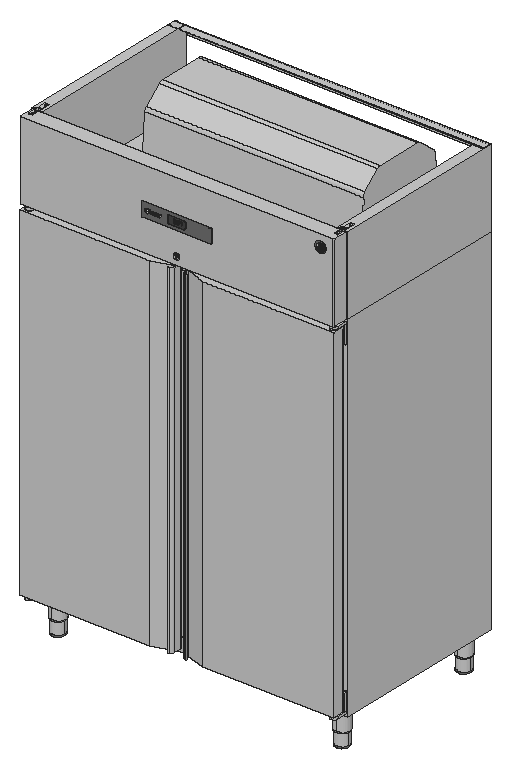
Revit family "QF_HOSHIZAKI_131141070", category Specialty Equipment, Revit 2016
Family settings
  Part Type = Normal
  Round Connector Dimension = Use Diameter
  OmniClass Number = 23.40.40.14
  OmniClass Title = Food Service Equipment
  Work Plane-Based = No
  Always vertical = Yes
  Cut with Voids When Loaded = No
  Shared = No
  Room Calculation Point = No
Parameters (values of type "131141070_230V/1Ph/50Hz")
  Weight = 183.00 kg
  Volts = 230 V
  URL Cutsheet = ""
  URL = "www.hoshizaki-europe.com"
  Status [instance] = ""
  Specification by User [instance] = ""
  Specification by Manufacturer [instance] = ""
  Serial Number = ""
  Seismic Rating = ""
  SMACNA No = ""
  Revision Code [instance] = ""
  Phase = 1
  Number of Poles = 2
  NAFEM Spec ID Number = ""
  Model = "ADVANCE K 140-4 L"
  Min Ckt Ampacity = 0 A
  Max Overcurrent Protection = 0 A
  Masterspec = ""
  Manufacturer = "HOSHIZAKI"
  Length Actual = 1344 mm
  Item Number [instance] = ""
  Installed By [instance] = ""
  Identify Quantity as Lot [instance] = no
  Height Actual = 2000 mm
  HP power = ""
  Furnished By [instance] = ""
  Foodservice Equipment Identifier [instance] = yes
  FL Amps = 11.04 A
  Electric power = 2540 W
  Electric Connection Type [instance] = ""
  Elec Conn RI Height [instance] = 0 mm
  Elec Conn Connection Height [instance] = 1550 mm
  Description = "ADVANCE DOUBLE DOOR REFRIGERATOR, 2/1 GN DEEP, AISI430 STAINLESS STEEL EXTERIOR AND INTERIOR, HC NATURAL REFRIGERANT, LEGS"
  Depth Actual = 830 mm
  Cycle = 50 Hz
  Cost = 0
  Conn Plug = ""
  Conn Conduit = no
  CSI MasterFormat = ""
  Assembly Code = "E1090320"
  Apparent Power = 2540 VA
  Accessory = no
Reference planes
  plane 1 "Center (Front/Back)": y = 0
  plane 2: z = 0
  plane 3 "Center (Left/Right)": x = 0
Forms (mm)
  Extrusion 1, solid, not visible
    sketch origin (1314, -2, 1699) x (1, 0, 0) y (0, 1, 0)
      loop
        line (0, 0) -> (2, 0) -> (2, 2) -> (0, 2) -> (0, 0)
    from 0 to 2
Dimensions and locks
  aligned and locked: level to plane 2
Nested families
  nested 1: "QF_HOSHIZAKI_131141070_230V_1Ph_50Hz" at (0, 0, 150), type "131141070_230V/1Ph/50Hz"
    with Show Logo yes, Show Clearance yes
  nested 2: "QF_HOSHIZAKI_PRE_ADV_LEGS" at (0, 0, 0), type "760660118-1344X830"
    with Length Actual 1344 mm, Height Actual 150 mm, Depth Actual 830 mm
Connectors
  electrical at (1315, 0, 1700), driven by "Apparent Power", driven by "Number of Poles", driven by "Volts"
    settings: on Extrusion 1, index 1, voltage 230 V, apparent load 0 VA, apparent load phase1 2540 VA, apparent load phase2 0 VA, apparent load phase3 0 VA, power factor 1, load classification "Other", number of poles 2, system type 31, power factor state 1, is connector primary yes, connector utility no, sub classification motor no, connector description "Electric connection for '131141070'"
Definition of nested family "QF_HOSHIZAKI_131141070_230V_1Ph_50Hz"
  Parameters (values of type "131141070_230V/1Ph/50Hz")
    URL = "www.hoshizaki-europe.com"
    Show Logo [instance] = yes
    Show Clearance [instance] = yes
    Model = "ADVANCE K 140-4 L"
    Manufacturer = "HOSHIZAKI"
    Description = "ADVANCE DOUBLE DOOR REFRIGERATOR, 2/1 GN DEEP, AISI 304 STAINLESS STEEL EXTERIOR AND INTERIOR, HC NATURAL REFRIGERANT, LEGS"
    Assembly Code = "E1090320"
  Types (6, lengths in mm): name | Model | Description
    131141070_230V/1Ph/50Hz | "ADVANCE K 140-4 L" | "ADVANCE DOUBLE DOOR REFRIGERATOR, 2/1 GN DEEP, AISI 304 STAINLESS STEEL EXTERIOR AND INTERIOR, HC NATURAL REFRIGERANT, LEGS"
    133141070 | "ADVANCE F 140-4 L" | "ADVANCE DOUBLE DOOR FREEZER, 2/1 DEEP, AISI 304 STAINLESS STEEL EXTERIOR AND INTERIOR, HC NATURAL REFRIGERANT, LEGS"
    123142070 | "ADVANCE F 140-3 C" | "ADVANCE DOUBLE DOOR FREEZER, 2/1 DEEP, AISI 403 STAINLESS STEEL EXTERIOR AND INTERIOR, HC NATURAL REFRIGERANT, CASTORS"
    131142090 | "ADVANCE K 140-4 C U" | "ADVANCE DOUBLE DOOR REFRIGERATOR, 2/1 GN DEEP, AISI 304 STAINLESS STEEL EXTERIOR AND INTERIOR, HC NATURAL REFRIGERANT, CASTORS"
    133142090 | "ADVANCE F 140-4 C U" | "ADVANCE DOUBLE DOOR FREEZER, 2/1 DEEP, AISI 304 STAINLESS STEEL EXTERIOR AND INTERIOR, HC NATURAL REFRIGERANT, CASTORS"
    12142070 | "ADVANCE K 140-3 C" | "ADVANCE DOUBLE DOOR REFRIGERATOR, 2/1 GN DEEP, AISI 403 STAINLESS STEEL EXTERIOR AND INTERIOR, HC NATURAL REFRIGERANT, CASTORS"
  Reference planes
    plane 1 "Back": y = 0
    plane 2: z = 0
    plane 3 "Left": x = 0
    plane 4 "Right": x = 1344
    plane 5 "Front": y = -830.03
    plane 6 "Top": z = 1850
  Forms (mm)
    Extrusion 1, solid
      sketch origin (653.43, 17.68, 1850) x (1, 0, 0) y (0, 1, 0)
        loop
          line (675.57, -773.038) -> (675.57, -726.21) -> (660.57, -726.21) -> (660.57, -773.038) -> (675.57, -773.038)
        loop
          circle (668.07, -734.247) r 1.711
        loop
          circle (668.07, -765.001) r 1.711
      from 0 to 2
    Extrusion 2, solid
      sketch origin (653.43, -41.179, 1850) x (1, 0, 0) y (0, 1, 0)
        loop
          line (675.57, -752.351) -> (675.57, -720.851) -> (660.57, -720.851) -> (660.57, -752.351) -> (675.57, -752.351)
        loop
          circle (668.07, -727.851) r 1.711
        loop
          circle (668.07, -745.351) r 1.711
      from 0 to 2
    Extrusion 3, solid
      sketch origin (1314, 17.68, -100.1) x (0, 1, 0) y (0, 0, 1)
        loop
          arc (-776.21, 1952.1) -> (-777.016, 1954.865) -> (-774.851, 1952.966) r 1.5
          line (-774.851, 1952.966) -> (-772.968, 1952.281)
          arc (-772.968, 1952.281) -> (-778.164, 1956.504) -> (-776.21, 1950.1) r 3.5
          line (-776.21, 1950.1) -> (-773.038, 1950.1) -> (-773.038, 1952.1) -> (-776.21, 1952.1)
      from 0 to 15
    Extrusion 4, solid
      sketch origin (-645.57, 17.68, 1850) x (1, 0, 0) y (0, 1, 0)
        loop
          line (675.57, -773.038) -> (675.57, -726.21) -> (660.57, -726.21) -> (660.57, -773.038) -> (675.57, -773.038)
        loop
          circle (668.07, -734.247) r 1.711
        loop
          circle (668.07, -765.001) r 1.711
      from 0 to 2
    Extrusion 5, solid
      sketch origin (-645.57, -41.179, 1850) x (1, 0, 0) y (0, 1, 0)
        loop
          line (675.57, -752.351) -> (675.57, -720.851) -> (660.57, -720.851) -> (660.57, -752.351) -> (675.57, -752.351)
        loop
          circle (668.07, -727.851) r 1.711
        loop
          circle (668.07, -745.351) r 1.711
      from 0 to 2
    Extrusion 6, solid
      sketch origin (15, 17.68, -100.1) x (0, 1, 0) y (0, 0, 1)
        loop
          arc (-776.21, 1952.1) -> (-777.016, 1954.865) -> (-774.851, 1952.966) r 1.5
          line (-774.851, 1952.966) -> (-772.968, 1952.281)
          arc (-772.968, 1952.281) -> (-778.164, 1956.504) -> (-776.21, 1950.1) r 3.5
          line (-776.21, 1950.1) -> (-773.038, 1950.1) -> (-773.038, 1952.1) -> (-776.21, 1952.1)
      from 0 to 15
    Extrusion 7, solid
      sketch origin (0, 0, -100) x (0, 1, 0) y (0, 0, 1)
        loop
          line (-760.03, 1617.5) -> (0, 1617.5) -> (0, 1948.5)
          arc (0, 1948.5) -> (-0.439, 1949.561) -> (-1.5, 1950) r 1.5
          line (-1.5, 1950) -> (-759.38, 1950)
          arc (-759.38, 1950) -> (-759.84, 1949.81) -> (-760.03, 1949.35) r 0.65
          line (-760.03, 1949.35) -> (-760.03, 1617.5)
      from 0 to 45
    Extrusion 8, solid
      sketch origin (1299, 0, -100) x (0, 1, 0) y (0, 0, 1)
        loop
          line (-760.03, 1617.5) -> (0, 1617.5) -> (0, 1948.5)
          arc (0, 1948.5) -> (-0.439, 1949.561) -> (-1.5, 1950) r 1.5
          line (-1.5, 1950) -> (-759.38, 1950)
          arc (-759.38, 1950) -> (-759.84, 1949.81) -> (-760.03, 1949.35) r 0.65
          line (-760.03, 1949.35) -> (-760.03, 1617.5)
      from 0 to 45
    Extrusion 9, solid
      sketch origin (0, 1.5, -100.1) x (0, 1, 0) y (0, 0, 1)
        loop
          line (-1.51, 1951.6) -> (-38.51, 1951.6) -> (-38.51, 1950.1) -> (-3, 1950.1)
          arc (-3, 1950.1) -> (-1.939, 1949.661) -> (-1.5, 1948.6) r 1.5
          line (-1.5, 1948.6) -> (-1.5, 1914.7) -> (0, 1914.7) -> (0, 1950.09)
          arc (0, 1950.09) -> (-0.442, 1951.158) -> (-1.51, 1951.6) r 1.51
      from 1.06 to 1343.06
    Extrusion 10, solid
      sketch origin (0, 17.57, 1849.9) x (1, 0, 0) y (0, 1, 0)
        loop
          line (4.5, -778.8) -> (4.5, -842.7)
          arc (4.5, -842.7) -> (5.935, -846.165) -> (9.4, -847.6) r 4.9
          line (9.4, -847.6) -> (1334.6, -847.6)
          arc (1334.6, -847.6) -> (1338.065, -846.165) -> (1339.5, -842.7) r 4.9
          line (1339.5, -842.7) -> (1339.5, -778.8)
          arc (1339.5, -778.8) -> (1339.149, -777.951) -> (1338.3, -777.6) r 1.2
          line (1338.3, -777.6) -> (5.7, -777.6)
          arc (5.7, -777.6) -> (4.851, -777.951) -> (4.5, -778.8) r 1.2
      from -332.4 to 0.1
    Extrusion 11, solid
      sketch origin (0, 0, -100) x (1, 0, 0) y (0, 0, 1)
        loop
          line (45, 1638.52) -> (45, 1617.5) -> (1299, 1617.5) -> (1299, 1638.52) -> (45, 1638.52)
      from 0 to 760.03
    Extrusion 12, solid
      sketch origin (0, 0, 0) x (1, 0, 0) y (0, 0, 1)
        loop
          line (0, 1517.5) -> (0, 0) -> (1344, 0) -> (1344, 1517.5) -> (0, 1517.5)
        loop
          line (60, 1457.5) -> (60, 60) -> (1284, 60) -> (1284, 1457.5) -> (60, 1457.5)
      from 0 to 760.03
    Extrusion 13, solid
      sketch origin (0, 0, 0) x (1, 0, 0) y (0, 0, 1)
        loop
          line (60, 60) -> (1284, 60) -> (1284, 1457.5) -> (60, 1457.5) -> (60, 60)
      from 0 to 45
    Extrusion 14, solid
      sketch origin (0, -660.03, 0) x (1, 0, 0) y (0, 0, 1)
        loop
          line (630, 1457.5) -> (630, 60) -> (714, 60) -> (714, 1457.5) -> (630, 1457.5)
      from 0 to 100
    Extrusion 15, solid
      sketch origin (672, -795.027, 27.1) x (-1, 0, 0) y (0, 0, -1)
        loop
          line (637.933, -1453.343) -> (637.933, -14.657) -> (53.047, -14.657) -> (53.047, -1453.343) -> (637.933, -1453.343)
        loop
          line (73.047, -1433.343) -> (617.933, -1433.343) -> (617.933, -34.657) -> (73.047, -34.657) -> (73.047, -1433.343)
      from -34.997 to -15.007
    Extrusion 16, solid
      sketch origin (686.75, -756.398, 1495.1) x (-1, 0, 0) y (0, -1, 0)
        loop
          line (646.35, 3.632) -> (678.35, 3.632) -> (678.35, 45.629)
          arc (678.35, 45.629) -> (662.35, 61.629) -> (646.35, 45.629) r 16
          line (646.35, 45.629) -> (646.35, 3.632)
        loop
          circle (662.35, 45.629) r 5
      from 2.9 to 9.9
    Extrusion 17, solid
      sketch origin (686.75, -757.401, -74.9) x (0, 1, 0) y (0, 0, -1)
        loop
          line (-9.129, -1500.199) -> (-9.129, -1572.9) -> (-2.629, -1572.9) -> (-2.629, -1493.9) -> (-4.629, -1493.9) -> (-9.129, -1500.199)
      from 646.35 to 678.35
    Extrusion 18, solid
      sketch origin (686.75, -756.398, 1495.1) x (-1, 0, 0) y (0, -1, 0)
        loop
          circle (662.35, 45.629) r 16
      from 0 to 2.9
    Extrusion 19, solid
      sketch origin (686.75, -756.398, 1495.1) x (-1, 0, 0) y (0, -1, 0)
        loop
          circle (662.35, 45.629) r 5
      from 0 to 9.9
    Extrusion 20, solid
      sketch origin (686.75, -756.398, 25.1) x (-1, 0, 0) y (0, -1, 0)
        loop
          line (602.25, 32.879) -> (677.25, 32.879) -> (677.25, 58.379) -> (602.25, 58.379) -> (602.25, 32.879)
        loop
          circle (636.875, 45.629) r 5
        loop
          circle (611.525, 45.629) r 5
      from 0 to 2
    Extrusion 21, solid
      sketch origin (686.75, -756.398, 7.1) x (0, 1, 0) y (-1, 0, 0)
        loop
          line (-3.632, 646.35) -> (-3.632, 678.35) -> (-45.629, 678.35)
          arc (-45.629, 678.35) -> (-61.629, 662.35) -> (-45.629, 646.35) r 16
          line (-45.629, 646.35) -> (-3.632, 646.35)
        loop
          circle (-45.629, 662.35) r 5
      from 2.9 to 9.9
    Extrusion 22, solid
      sketch origin (686.75, -757.401, 1589.9) x (0, 1, 0) y (0, 0, -1)
        loop
          line (-9.129, 1500.199) -> (-4.629, 1493.9) -> (-2.629, 1493.9) -> (-2.629, 1572.9) -> (-9.129, 1572.9) -> (-9.129, 1500.199)
      from 646.35 to 678.35
    Extrusion 23, solid
      sketch origin (686.75, -756.398, 9) x (0, 1, 0) y (-1, 0, 0)
        loop
          circle (-45.629, 662.35) r 5
      from 0 to 16.1
    Extrusion 24, solid
      sketch origin (774.882, -873.184, 27.1) x (-1, 0, 0) y (0, -1, 0)
        loop
          arc (769.772, -93.164) -> (770.203, -92.985) -> (770.382, -92.554) r 0.61
          line (770.382, -92.554) -> (770.382, -43.764)
          arc (770.382, -43.764) -> (770.203, -43.333) -> (769.772, -43.154) r 0.61
          line (769.772, -43.154) -> (216.079, -43.154) -> (127.057, -70.711) -> (127.057, -60.1)
          arc (127.057, -60.1) -> (129.536, -52.667) -> (135.929, -48.138) r 12.598
          line (135.929, -48.138) -> (143.363, -45.837)
          arc (143.363, -45.837) -> (143.923, -44.774) -> (142.86, -44.213) r 0.85
          line (142.86, -44.213) -> (135.209, -46.581)
          arc (135.209, -46.581) -> (128.081, -51.647) -> (125.349, -59.955) r 14
          line (125.349, -59.955) -> (125.349, -92.354)
          arc (125.349, -92.354) -> (125.586, -92.927) -> (126.159, -93.164) r 0.81
          line (126.159, -93.164) -> (769.772, -93.164)
      from 0 to 1468
    Extrusion 25, solid
      sketch origin (672, -795.027, 27.1) x (1, 0, 0) y (0, 0, 1)
        loop
          line (637.933, 1453.343) -> (53.047, 1453.343) -> (53.047, 14.657) -> (637.933, 14.657) -> (637.933, 1453.343)
        loop
          line (73.047, 1433.343) -> (73.047, 34.657) -> (617.933, 34.657) -> (617.933, 1433.343) -> (73.047, 1433.343)
      from -34.997 to -15.007
    Extrusion 26, solid
      sketch origin (657.25, -756.398, 1495.1) x (1, 0, 0) y (0, 1, 0)
        loop
          line (646.35, -3.632) -> (646.35, -45.629)
          arc (646.35, -45.629) -> (662.35, -61.629) -> (678.35, -45.629) r 16
          line (678.35, -45.629) -> (678.35, -3.632) -> (646.35, -3.632)
        loop
          circle (662.35, -45.629) r 5
      from 2.9 to 9.9
    Extrusion 27, solid
      sketch origin (657.25, -757.401, -74.9) x (0, 1, 0) y (0, 0, 1)
        loop
          line (-9.129, 1500.199) -> (-4.629, 1493.9) -> (-2.629, 1493.9) -> (-2.629, 1572.9) -> (-9.129, 1572.9) -> (-9.129, 1500.199)
      from 646.35 to 678.35
    Extrusion 28, solid
      sketch origin (657.25, -756.398, 1495.1) x (1, 0, 0) y (0, 1, 0)
        loop
          circle (662.35, -45.629) r 16
      from 0 to 2.9
    Extrusion 29, solid
      sketch origin (657.25, -756.398, 1495.1) x (1, 0, 0) y (0, 1, 0)
        loop
          circle (662.35, -45.629) r 5
      from 0 to 9.9
    Extrusion 30, solid
      sketch origin (657.25, -756.398, 25.1) x (1, 0, 0) y (0, 1, 0)
        loop
          line (602.25, -32.879) -> (602.25, -58.379) -> (677.25, -58.379) -> (677.25, -32.879) -> (602.25, -32.879)
        loop
          circle (636.875, -45.629) r 5
        loop
          circle (611.525, -45.629) r 5
      from 0 to 2
    Extrusion 31, solid
      sketch origin (657.25, -756.398, 7.1) x (0, -1, 0) y (1, 0, 0)
        loop
          line (3.632, 646.35) -> (45.629, 646.35)
          arc (45.629, 646.35) -> (61.629, 662.35) -> (45.629, 678.35) r 16
          line (45.629, 678.35) -> (3.632, 678.35) -> (3.632, 646.35)
        loop
          circle (45.629, 662.35) r 5
      from 2.9 to 9.9
    Extrusion 32, solid
      sketch origin (657.25, -757.401, 1589.9) x (0, 1, 0) y (0, 0, 1)
        loop
          line (-9.129, -1500.199) -> (-9.129, -1572.9) -> (-2.629, -1572.9) -> (-2.629, -1493.9) -> (-4.629, -1493.9) -> (-9.129, -1500.199)
      from 646.35 to 678.35
    Extrusion 33, solid
      sketch origin (657.25, -756.398, 9) x (0, -1, 0) y (1, 0, 0)
        loop
          circle (45.629, 662.35) r 5
      from 0 to 16.1
    Extrusion 34, solid
      sketch origin (569.118, -873.184, 27.1) x (1, 0, 0) y (0, 1, 0)
        loop
          line (769.772, 93.164) -> (126.159, 93.164)
          arc (126.159, 93.164) -> (125.586, 92.927) -> (125.349, 92.354) r 0.81
          line (125.349, 92.354) -> (125.349, 59.955)
          arc (125.349, 59.955) -> (128.081, 51.647) -> (135.209, 46.581) r 14
          line (135.209, 46.581) -> (142.86, 44.213)
          arc (142.86, 44.213) -> (143.923, 44.774) -> (143.363, 45.837) r 0.85
          line (143.363, 45.837) -> (135.929, 48.138)
          arc (135.929, 48.138) -> (129.536, 52.667) -> (127.057, 60.1) r 12.598
          line (127.057, 60.1) -> (127.057, 70.711) -> (216.079, 43.154) -> (769.772, 43.154)
          arc (769.772, 43.154) -> (770.203, 43.333) -> (770.382, 43.764) r 0.61
          line (770.382, 43.764) -> (770.382, 92.554)
          arc (770.382, 92.554) -> (770.203, 92.985) -> (769.772, 93.164) r 0.61
      from 0 to 1468
    Extrusion 35, solid
      sketch origin (-12.78, 0, -100) x (0, 1, 0) y (0, 0, 1)
        loop
          arc (-113.281, 1932.651) -> (-120.8, 1936.992) -> (-129.35, 1938.5) r 25
          line (-129.35, 1938.5) -> (-324.65, 1938.5)
          arc (-324.65, 1938.5) -> (-333.2, 1936.992) -> (-340.719, 1932.651) r 25
          line (-340.719, 1932.651) -> (-408.922, 1875.423)
          arc (-408.922, 1875.423) -> (-415.027, 1867.815) -> (-417.757, 1858.45) r 25
          line (-417.757, 1858.45) -> (-436.998, 1638.52) -> (-17.002, 1638.52) -> (-36.243, 1858.45)
          arc (-36.243, 1858.45) -> (-38.973, 1867.815) -> (-45.078, 1875.423) r 25
          line (-45.078, 1875.423) -> (-113.281, 1932.651)
      from 219.97 to 1149.59
    Extrusion 36, solid, visible <- "Show Logo"
      sketch origin (1743.884, -828.53, -60.1) x (-1, 0, 0) y (0, 0, -1)
        loop
          circle (459.884, -1862.5) r 13.99
      from 0 to 2.5
    Extrusion 37, solid, visible <- "Show Logo"
      sketch origin (1743.884, -829.03, -60.1) x (-1, 0, 0) y (0, 0, -1)
        loop
          circle (459.884, -1862.5) r 15
        loop
          arc (446.884, -1862.5) -> (460.705, -1875.474) -> (472.781, -1860.863) r 13
          line (472.781, -1860.863) -> (470.355, -1858.437) -> (469.346, -1862.201) -> (466.355, -1863.928) -> (465.024, -1865.26) -> (463.375, -1865.26) -> (462.04, -1870.241) -> (457.755, -1870.241) -> (459.339, -1867.979) -> (460.402, -1864.014) -> (461.224, -1860.945) -> (462.416, -1856.497) -> (461.216, -1855.297) -> (459.433, -1857.843) -> (455.784, -1851.523) -> (460.361, -1851.523) -> (461.471, -1853.446) -> (469.213, -1853.446)
          arc (469.213, -1853.446) -> (460.394, -1849.51) -> (451.293, -1852.743) r 13
          line (451.293, -1852.743) -> (455.577, -1853.891) -> (453.752, -1856.497) -> (455.349, -1856.497) -> (454.477, -1866.459) -> (452.538, -1866.459) -> (446.884, -1862.5)
        loop
          line (447.853, -1857.467) -> (452.313, -1861.926) -> (450.144, -1853.891)
          arc (450.144, -1853.891) -> (448.878, -1855.602) -> (447.853, -1857.467) r 15.828
        loop
          line (463.583, -1862.877) -> (466.64, -1862.399) -> (464.901, -1861.285) -> (463.583, -1857.664) -> (463.583, -1862.877)
        loop
          line (464.827, -1855.979) -> (468.296, -1856.908) -> (469.573, -1854.916) -> (468.881, -1854.224) -> (467.914, -1855.035) -> (464.827, -1855.979)
        loop
          line (462.609, -1872.307) -> (462.609, -1874.009) -> (464.927, -1873.388) -> (462.609, -1872.307)
        loop
          line (460.361, -1874.662) -> (459.594, -1873.335) -> (460.801, -1872.638) -> (459.186, -1872.205) -> (458.298, -1874.11) -> (460.361, -1874.662)
        loop
          line (459.623, -1846.783) -> (460.706, -1845.701) -> (462.247, -1845.701) -> (461.191, -1844.645) -> (461.503, -1842.874) -> (459.623, -1843.959) -> (457.743, -1842.874) -> (458.055, -1844.645) -> (456.999, -1845.701) -> (458.54, -1845.701) -> (459.623, -1846.783)
        loop
          line (446.86, -1853.7) -> (446.594, -1852.191) -> (447.478, -1850.929) -> (446.007, -1851.188) -> (444.736, -1849.917) -> (444.547, -1852.08) -> (442.579, -1852.997) -> (444.209, -1853.757) -> (444.468, -1855.228) -> (445.352, -1853.965) -> (446.86, -1853.7)
        loop
          line (452.395, -1848.68) -> (452.856, -1847.219) -> (454.223, -1846.508) -> (452.799, -1846.059) -> (452.258, -1844.344) -> (451.091, -1846.175) -> (448.922, -1846.08) -> (450.017, -1847.507) -> (449.568, -1848.931) -> (450.935, -1848.219) -> (452.395, -1848.68)
        loop
          line (472.909, -1853.7) -> (474.417, -1853.965) -> (475.301, -1855.228) -> (475.56, -1853.757) -> (477.19, -1852.997) -> (475.222, -1852.08) -> (475.033, -1849.917) -> (473.761, -1851.188) -> (472.291, -1850.929) -> (473.175, -1852.191) -> (472.909, -1853.7)
        loop
          line (467.374, -1848.68) -> (468.834, -1848.219) -> (470.201, -1848.931) -> (469.752, -1847.507) -> (470.847, -1846.08) -> (468.678, -1846.175) -> (467.511, -1844.344) -> (466.97, -1846.059) -> (465.546, -1846.508) -> (466.913, -1847.219) -> (467.374, -1848.68)
      from 0 to 2.5
    Extrusion 38, solid, visible <- "Show Logo"
      sketch origin (1743.884, -829.03, -60.1) x (-1, 0, 0) y (0, 0, -1)
        loop
          line (462.609, -1874.009) -> (462.609, -1872.307) -> (462.085, -1870.241) -> (457.755, -1870.241) -> (459.339, -1867.979) -> (462.416, -1856.497) -> (461.216, -1855.297) -> (459.433, -1857.843) -> (455.808, -1851.565) -> (453.948, -1851.565) -> (455.577, -1853.891) -> (454.477, -1866.459) -> (456.345, -1871.339)
          arc (456.345, -1871.339) -> (456.868, -1874.025) -> (459.213, -1875.435) r 3.366
          arc (459.213, -1875.435) -> (460.198, -1875.496) -> (461.183, -1875.435) r 8.046
          line (461.183, -1875.435) -> (462.609, -1874.009)
        loop
          line (456.854, -1851.523) -> (460.361, -1851.523) -> (460.916, -1852.485) -> (462.702, -1852.485) -> (463.779, -1851.407) -> (460.623, -1851.407) -> (461.563, -1850.468) -> (456.245, -1850.468) -> (456.854, -1851.523)
        loop
          line (460.361, -1874.662) -> (459.594, -1873.335) -> (460.801, -1872.638) -> (459.186, -1872.205) -> (458.298, -1874.11) -> (460.361, -1874.662)
      from 0 to 2.5
    Extrusion 39, solid, visible <- "Show Logo"
      sketch origin (1729.5, -828.53, 1238.8) x (-1, 0, 0) y (0, 0, -1)
        loop
          circle (445.5, -563.6) r 22.5
      from 0 to 2
    Extrusion 40, solid
      sketch origin (964.076, -828.53, -100.11) x (1, 0, 0) y (0, 0, 1)
        loop
          arc (-147.076, 1752.13) -> (-143.541, 1753.594) -> (-142.076, 1757.13) r 5
          line (-142.076, 1757.13) -> (-142.076, 1807.13)
          arc (-142.076, 1807.13) -> (-143.541, 1810.666) -> (-147.076, 1812.13) r 5
          line (-147.076, 1812.13) -> (-437.076, 1812.13)
          arc (-437.076, 1812.13) -> (-440.612, 1810.666) -> (-442.076, 1807.13) r 5
          line (-442.076, 1807.13) -> (-442.076, 1757.13)
          arc (-442.076, 1757.13) -> (-440.612, 1753.594) -> (-437.076, 1752.13) r 5
          line (-437.076, 1752.13) -> (-147.076, 1752.13)
        loop
          line (-329.576, 1792.63) -> (-329.576, 1771.63)
          arc (-329.576, 1771.63) -> (-327.819, 1767.387) -> (-323.576, 1765.63) r 6
          line (-323.576, 1765.63) -> (-260.576, 1765.63)
          arc (-260.576, 1765.63) -> (-256.334, 1767.387) -> (-254.576, 1771.63) r 6
          line (-254.576, 1771.63) -> (-254.576, 1792.63)
          arc (-254.576, 1792.63) -> (-256.334, 1796.873) -> (-260.576, 1798.63) r 6
          line (-260.576, 1798.63) -> (-323.576, 1798.63)
          arc (-323.576, 1798.63) -> (-327.819, 1796.873) -> (-329.576, 1792.63) r 6
      from 0 to 2
    Extrusion 41, solid
      sketch origin (964.076, -828.53, -100.11) x (1, 0, 0) y (0, 0, 1)
        loop
          arc (-323.576, 1798.63) -> (-327.819, 1796.873) -> (-329.576, 1792.63) r 6
          line (-329.576, 1792.63) -> (-329.576, 1771.63)
          arc (-329.576, 1771.63) -> (-327.819, 1767.387) -> (-323.576, 1765.63) r 6
          line (-323.576, 1765.63) -> (-260.576, 1765.63)
          arc (-260.576, 1765.63) -> (-256.334, 1767.387) -> (-254.576, 1771.63) r 6
          line (-254.576, 1771.63) -> (-254.576, 1792.63)
          arc (-254.576, 1792.63) -> (-256.334, 1796.873) -> (-260.576, 1798.63) r 6
          line (-260.576, 1798.63) -> (-323.576, 1798.63)
      from 0 to 2
    Extrusion 42, solid
      sketch origin (964.076, -829.03, -100.11) x (1, 0, 0) y (0, 0, 1)
        loop
          line (-298.911, 1787.691) -> (-298.115, 1788.439) -> (-298.929, 1789.206) -> (-304.501, 1789.206) -> (-305.3, 1788.422) -> (-304.534, 1787.691) -> (-298.911, 1787.691)
        loop
          line (-296.938, 1787.449) -> (-297.831, 1788.111) -> (-298.725, 1787.449) -> (-298.725, 1783.432) -> (-297.831, 1782.769) -> (-296.938, 1783.432) -> (-296.938, 1787.449)
        loop
          line (-298.911, 1777.181) -> (-304.534, 1777.181) -> (-305.3, 1776.45) -> (-304.501, 1775.666) -> (-298.929, 1775.666) -> (-298.115, 1776.432) -> (-298.911, 1777.181)
        loop
          line (-296.938, 1777.423) -> (-296.938, 1781.44) -> (-297.831, 1782.103) -> (-298.725, 1781.44) -> (-298.725, 1777.423) -> (-297.831, 1776.761) -> (-296.938, 1777.423)
        loop
          line (-298.911, 1783.189) -> (-304.534, 1783.189) -> (-305.3, 1782.459) -> (-304.501, 1781.675) -> (-298.929, 1781.675) -> (-298.115, 1782.441) -> (-298.911, 1783.189)
        loop
          line (-270.911, 1787.691) -> (-270.115, 1788.439) -> (-270.929, 1789.206) -> (-276.501, 1789.206) -> (-277.3, 1788.422) -> (-276.534, 1787.691) -> (-270.911, 1787.691)
        loop
          line (-268.938, 1787.449) -> (-269.831, 1788.111) -> (-270.725, 1787.449) -> (-270.725, 1783.432) -> (-269.831, 1782.769) -> (-268.938, 1783.432) -> (-268.938, 1787.449)
        loop
          line (-268.938, 1777.423) -> (-268.938, 1781.44) -> (-269.831, 1782.103) -> (-270.725, 1781.44) -> (-270.725, 1777.423) -> (-269.831, 1776.761) -> (-268.938, 1777.423)
        loop
          line (-294.968, 1776.333) -> (-293.829, 1775.386) -> (-292.676, 1776.348) -> (-293.829, 1777.28) -> (-294.968, 1776.333)
        loop
          line (-282.911, 1777.226) -> (-288.534, 1777.226) -> (-289.3, 1776.496) -> (-288.501, 1775.712) -> (-282.929, 1775.712) -> (-282.115, 1776.478) -> (-282.911, 1777.226)
        loop
          line (-280.938, 1777.469) -> (-280.938, 1781.486) -> (-281.831, 1782.148) -> (-282.725, 1781.486) -> (-282.725, 1777.469) -> (-281.831, 1776.806) -> (-280.938, 1777.469)
        loop
          line (-282.911, 1787.737) -> (-282.115, 1788.485) -> (-282.929, 1789.251) -> (-288.501, 1789.251) -> (-289.3, 1788.467) -> (-288.534, 1787.737) -> (-282.911, 1787.737)
        loop
          line (-280.938, 1787.494) -> (-281.831, 1788.157) -> (-282.725, 1787.494) -> (-282.725, 1783.477) -> (-281.831, 1782.815) -> (-280.938, 1783.477) -> (-280.938, 1787.494)
        loop
          line (-282.911, 1781.728) -> (-282.115, 1782.476) -> (-282.929, 1783.243) -> (-288.501, 1783.243) -> (-289.3, 1782.459) -> (-288.534, 1781.728) -> (-282.911, 1781.728)
        loop
          line (-290.492, 1787.494) -> (-290.492, 1783.477) -> (-289.599, 1782.815) -> (-288.705, 1783.477) -> (-288.705, 1787.494) -> (-289.599, 1788.157) -> (-290.492, 1787.494)
      from 0 to 2
    Revolve 43, solid
      sketch origin (672, 917.57, -100.11) x (0, 1, 0) y (0, 0, 1)
        loop
          line (-1752.6, 1652.1) -> (-1747.6, 1652.1) -> (-1747.6, 1662.634)
          arc (-1747.6, 1662.634) -> (-1748.329, 1663.731) -> (-1749.631, 1663.534) r 1.226
          line (-1749.631, 1663.534) -> (-1752.6, 1660.565) -> (-1752.6, 1652.1)
        axis (-1747.6, 1652.1) -> (-1752.6, 1652.1)
      angle from 0 to 360
    Extrusion 44, void
      sketch origin (-473.06, -833.53, -101.61) x (1, 0, 0) y (0, 0, 1)
        loop
          line (1143.96, 1657.815) -> (1143.96, 1649.385) -> (1146.16, 1649.385) -> (1146.16, 1657.815) -> (1143.96, 1657.815)
      from -1.469 to 2
    Extrusion 45, solid, visible <- "Show Logo"
      sketch origin (1132.623, -829.03, -98.186) x (1, 0, 0) y (0, 0, 1)
        loop
          line (-574.302, 1788.729) -> (-583.131, 1788.729)
          arc (-583.131, 1788.729) -> (-589.303, 1787.599) -> (-594.673, 1784.355) r 17.416
          arc (-594.673, 1784.355) -> (-596.462, 1781.094) -> (-595.769, 1777.439) r 5.506
          arc (-595.769, 1777.439) -> (-593.146, 1774.866) -> (-589.587, 1773.956) r 7.07
          line (-589.587, 1773.956) -> (-587.25, 1773.956) -> (-588.248, 1771.34) -> (-581.613, 1771.34) -> (-580.432, 1773.956) -> (-571.398, 1773.956) -> (-569.064, 1779.592) -> (-566.746, 1773.956) -> (-559.715, 1773.956) -> (-557.728, 1776.29) -> (-552.838, 1776.29) -> (-551.953, 1773.956) -> (-545.563, 1773.956) -> (-543.121, 1779.778) -> (-540.707, 1773.914) -> (-533.897, 1779.586) -> (-536.239, 1773.956) -> (-530.603, 1773.956) -> (-526.429, 1784.233) -> (-531.941, 1784.233) -> (-537.329, 1779.747) -> (-539.135, 1784.233) -> (-544.054, 1784.233) -> (-547.268, 1776.58) -> (-550.408, 1784.233) -> (-554.271, 1784.233) -> (-561.118, 1776.477) -> (-561.995, 1776.477) -> (-562.958, 1778.877)
          arc (-562.958, 1778.877) -> (-561.217, 1779.568) -> (-560.011, 1781.001) r 3.84
          arc (-560.011, 1781.001) -> (-560.124, 1783.171) -> (-562.025, 1784.225) r 2.241
          line (-562.025, 1784.225) -> (-573.005, 1784.225) -> (-576.227, 1776.507) -> (-579.37, 1776.507) -> (-576.183, 1784.227) -> (-585.103, 1784.227) -> (-586.099, 1781.742) -> (-583.981, 1781.742) -> (-586.194, 1776.345)
          arc (-586.194, 1776.345) -> (-588.764, 1776.925) -> (-590.188, 1779.141) r 3.476
          arc (-590.188, 1779.141) -> (-590.046, 1780.636) -> (-589.587, 1782.064) r 6.962
          arc (-589.587, 1782.064) -> (-587.018, 1785.071) -> (-583.227, 1786.194) r 6.962
          line (-583.227, 1786.194) -> (-575.446, 1786.194) -> (-574.302, 1788.729)
        loop
          line (-568.201, 1781.677) -> (-568.99, 1779.771) -> (-567.006, 1779.771)
          arc (-567.006, 1779.771) -> (-565.95, 1780.209) -> (-565.513, 1781.264) r 1.493
          arc (-565.513, 1781.264) -> (-565.795, 1781.565) -> (-566.192, 1781.677) r 0.765
          line (-566.192, 1781.677) -> (-568.201, 1781.677)
        loop
          line (-554.482, 1780.63) -> (-556.797, 1778.007) -> (-553.488, 1778.007) -> (-554.482, 1780.63)
      from 0 to 2
    Extrusion 46, solid, visible <- "Show Clearance", detail levels coarse
      sketch origin (0.016, -760.03, 0) x (1, 0, 0) y (0, 1, 0)
        loop
          line (4.5, -70) -> (4.5, -715)
          arc (4.5, -715) -> (460.584, -526.084) -> (649.5, -70) r 645
          line (649.5, -70) -> (4.5, -70)
      from 27.1 to 1495.1
    Extrusion 47, solid, visible <- "Show Clearance", detail levels coarse
      sketch origin (1343.984, -760.03, 0) x (-1, 0, 0) y (0, -1, 0)
        loop
          line (4.5, 70) -> (649.5, 70)
          arc (649.5, 70) -> (460.584, 526.084) -> (4.5, 715) r 645
          line (4.5, 715) -> (4.5, 70)
      from 27.1 to 1495.1
  Cuts and joins
    joined: Extrusion 12, Extrusion 13
    Extrusion 44 cuts Revolve 43
  Lines and regions (mm)
    symbolic lines
      curve 1: line (0, 0, 0) -> (0, -760.03, 0)
      curve 2: line (1344, -760.03, 0) -> (1344, 0, 0)
      curve 3: line (5.11, -830.03, 0) -> (1338.89, -830.03, 0)
      curve 4: line (1344, 0, 0) -> (0, 0, 0)
      curve 5: line (207.19, -37.01, 0) -> (207.19, -436.998, 0)
      curve 6: line (207.19, -436.998, 0) -> (1136.81, -436.998, 0)
      curve 7: line (1136.81, -436.998, 0) -> (1136.81, -37.01, 0)
      curve 8: line (1299, -37.01, 0) -> (1299, -760.03, 0)
      curve 9: line (45, -760.03, 0) -> (45, -37.01, 0)
      curve 10: line (0, -37.01, 0) -> (1344, -37.01, 0)
      curve 11: line (1344, -760.03, 0) -> (0, -760.03, 0)
      curve 12: line (1339.5, -829.42, 0) -> (1339.5, -761.23, 0)
      curve 13: line (4.5, -761.23, 0) -> (4.5, -829.42, 0)
      curve 14: arc (5.7, -760.03, 0) -> (4.851, -760.381, 0) -> (4.5, -761.23, 0) r 1.2
      curve 15: arc (1339.5, -761.23, 0) -> (1339.149, -760.381, 0) -> (1338.3, -760.03, 0) r 1.2
      curve 20: arc (4.5, -829.42, 0) -> (4.679, -829.851, 0) -> (5.11, -830.03, 0) r 0.61
      curve 21: arc (1338.89, -830.03, 0) -> (1339.321, -829.851, 0) -> (1339.5, -829.42, 0) r 0.61
    symbolic lines, visible <- "Show Clearance"
      curve 16: arc (4.516, -1475.03, 0) -> (460.6, -1286.114, 0) -> (649.516, -830.03, 0) r 645
      curve 17: line (4.516, -830.03, 0) -> (4.516, -1475.03, 0)
      curve 18: arc (1339.484, -1475.03, 0) -> (883.4, -1286.114, 0) -> (694.484, -830.03, 0) r 645
      curve 19: line (1339.484, -830.03, 0) -> (1339.484, -1475.03, 0)
  Dimensions and locks
    plane 4 "Right" to plane 3 "Left" = 1344 mm
    plane 6 "Top" to level = 1850 mm  (x2)
    plane 3 "Left" to plane 4 "Right" = 1344 mm
    plane 5 "Front" to plane 1 "Back" = 830.03 mm
    plane 1 "Back" to plane 5 "Front" = 830.03 mm
    aligned and locked: level to plane 2
Definition of nested family "QF_HOSHIZAKI_PRE_ADV_LEGS"
  Parameters (values of type "760660118-1344X830")
    Weight [instance] = 0.00 kg
    URL Cutsheet [instance] = ""
    URL = "www.hoshizaki-europe.com"
    Status [instance] = ""
    Specification by User [instance] = ""
    Specification by Manufacturer [instance] = ""
    Serial Number [instance] = ""
    Seismic Rating [instance] = ""
    SMACNA No [instance] = ""
    Right offset = 67 mm
    Revision Code [instance] = ""
    Rear offset = 58 mm
    NAFEM Spec ID Number [instance] = ""
    Model = "L1"
    Masterspec [instance] = ""
    Manufacturer = "HOSHIZAKI"
    Length Actual [instance] = 1344 mm
    Left offset = 67 mm
    Item Number [instance] = ""
    Installed By [instance] = ""
    Identify Quantity as Lot [instance] = no
    Height Actual [instance] = 150 mm
    Furnished By [instance] = ""
    Front offset = 125 mm
    Foodservice Equipment Identifier [instance] = no
    Description = "SET OF STAINLESS LEGS 130-180 MM"
    Depth Actual [instance] = 830 mm
    Cost = 0
    CSI MasterFormat [instance] = ""
    Assembly Code = "E1090320"
    Accessory [instance] = yes
  Reference planes
    plane 1 "Back": y = 0
    plane 2: z = 0
    plane 3 "Left": x = 0
    plane 4 "Right": x = 1344
    plane 5 "Front": y = -830
    plane 6 "Top": z = 150
    plane 7 "Left offset": x = 67
    plane 8 "Right offset": x = 1277
    plane 9 "Rear offset": y = -58
    plane 10 "Front offset": y = -705
    plane 11 "Central": x = 672
  Dimensions and locks
    "Length Actual": plane 3 "Left" to plane 4 "Right"
    "Depth Actual": plane 5 "Front" to plane 1 "Back"
    "Left offset": plane 3 "Left" to plane 7 "Left offset"
    "Right offset": plane 8 "Right offset" to plane 4 "Right"
    "Rear offset": plane 9 "Rear offset" to plane 1 "Back"
    "Front offset": plane 10 "Front offset" to plane 5 "Front"
    "Height Actual": plane 6 "Top" to plane 2
    equal spacing: plane 7 "Left offset", plane 11 "Central", plane 8 "Right offset"
    aligned and locked: level to plane 2
    aligned and locked: nested 1 to plane 9 "Rear offset"
    aligned and locked: nested 2 to plane 9 "Rear offset"
    aligned and locked: nested 1 to plane 7 "Left offset"
    aligned and locked: nested 2 to plane 8 "Right offset"
    aligned and locked: nested 3 to plane 10 "Front offset"
    aligned and locked: nested 4 to plane 10 "Front offset"
    aligned and locked: nested 3 to plane 7 "Left offset"
    aligned and locked: nested 4 to plane 8 "Right offset"
  Nested families
    nested 1: "QF_LEGS" at (67, -58, 0), type "LEGS"
    nested 2: "QF_LEGS" at (1277, -58, 0), type "LEGS"
    nested 3: "QF_LEGS" at (67, -705, 0), type "LEGS"
    nested 4: "QF_LEGS" at (1277, -705, 0), type "LEGS"
  Definition of nested family "QF_LEGS"
    Parameters (values of type "LEGS")
      Height = 150 mm
    Reference planes
      plane 1 "Center (Front/Back)": y = 0
      plane 2: z = 0
      plane 3 "Center (Left/Right)": x = 0
      plane 4 "Top": z = 150
      plane 5: z = 147.5
    Forms (mm)
      Extrusion 1, solid
        sketch origin (0, 0, 150) x (0, 1, 0) y (-1, 0, 0)
          loop
            line (40, 40) -> (-40, 40) -> (-40, -40) -> (40, -40) -> (40, 40)
        from 0 to -2.5
      Extrusion 2, solid
        sketch origin (-199.986, 580, 0) x (1, 0, 0) y (0, 1, 0)
          loop
            circle (199.986, -580) r 28
        from 5 to 58
      Extrusion 3, solid
        sketch origin (-199.986, 580, 0) x (1, 0, 0) y (0, 1, 0)
          loop
            circle (199.986, -580) r 29
        from 0 to 5
      Revolve 4, solid
        sketch origin (0, 0, 0) x (0, 1, 0) y (0, 0, 1)
          loop
            line (0, 147.5) -> (-31.75, 147.5) -> (-31.75, 61.75)
            arc (-31.75, 61.75) -> (-30.652, 59.098) -> (-28, 58) r 3.75
            line (-28, 58) -> (0, 58) -> (0, 147.5)
          axis (0, 58) -> (0, 147.5)
        angle from 0 to 360
    Dimensions and locks
      "Height": plane 4 "Top" to plane 2
      locked: plane 4 "Top" to plane 5 at 2.5
      aligned and locked: level to plane 2
      aligned and locked: Revolve 4 sketch curve to plane 1 "Center (Front/Back)"
      aligned and locked: Extrusion 1 to plane 5
      aligned and locked: Revolve 4 sketch curve to plane 5
    Automatic sketch dimensions
      plane 1 "Center (Front/Back)" to Extrusion 1 sketch curve = 40 mm
      Extrusion 1 sketch curve to plane 1 "Center (Front/Back)" = 40 mm
      plane 3 "Center (Left/Right)" to Extrusion 1 sketch curve = 40 mm
      Extrusion 1 sketch curve to plane 3 "Center (Left/Right)" = 40 mm
      plane 1 "Center (Front/Back)" to Extrusion 2 sketch curve = 0 mm
      Extrusion 2 sketch curve to plane 3 "Center (Left/Right)" = 0 mm
      plane 1 "Center (Front/Back)" to Extrusion 3 sketch curve = 0 mm
      Extrusion 3 sketch curve to plane 3 "Center (Left/Right)" = 0 mm
      Revolve 4 sketch curve to plane 1 "Center (Front/Back)" = 0 mm
      Revolve 4 sketch curve to plane 5 = 0 mm
      plane 1 "Center (Front/Back)" to Revolve 4 sketch curve = 28 mm
      level to Revolve 4 sketch curve = 61.75 mm
      Revolve 4 sketch curve to Revolve 4 sketch curve = 3.75 mm
      Revolve 4 sketch curve to Revolve 4 sketch curve = 28 mm
      radius of Extrusion 2 sketch curve = 28 mm
      radius of Extrusion 3 sketch curve = 29 mm
